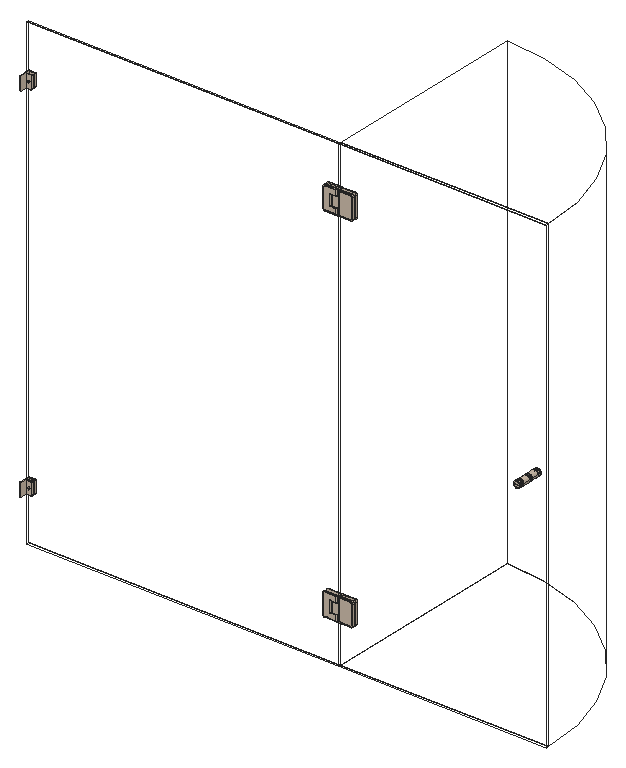
Revit family "Hardware_Glass_Nero", category Specialty Equipment, Revit 2020 (continued)
Definition of nested family "Bracket_Wall_Nero_10mmGlass_Shower_F"
  Automatic sketch dimensions
    Extrusion 1 sketch curve to plane 7 "Left" = 0 mm
    plane 4 "Back" to Extrusion 1 sketch curve = 4 mm
    plane 7 "Left" to Extrusion 1 sketch curve = 3 mm
    Extrusion 1 sketch curve to Extrusion 1 sketch curve = 11 mm
    Extrusion 1 sketch curve to Extrusion 1 sketch curve = 4 mm
    plane 7 "Left" to Extrusion 1 sketch curve = 4 mm
    plane 4 "Back" to Masking region 1 sketch curve = 0 mm
    Masking region 1 sketch curve to plane 3 "Right" = 0 mm  (x2)
    Masking region 1 sketch curve to plane 2 "Front" = 0 mm
    Masking region 1 sketch curve to plane 7 "Left" = 0 mm
    plane 4 "Back" to Masking region 1 sketch curve = 4 mm
    plane 7 "Left" to Masking region 1 sketch curve = 3 mm
    Masking region 1 sketch curve to Masking region 1 sketch curve = 11 mm
    Masking region 1 sketch curve to Masking region 1 sketch curve = 4 mm
    plane 7 "Left" to Masking region 1 sketch curve = 4 mm
    radius of Extrusion 3 sketch curve = 4.5 mm
    radius of Extrusion 4 sketch curve = 4.503 mm
Definition of nested family "TowelBar_SurfaceMount_Nero_500mm"
  Parameters (values of type "Chrome (NRSH303aCH)")
    Uniclass2015Version = "Products v1.28"
    Uniclass2015Title = "Towel rails"
    Uniclass2015Code = "Pr_40_20_76_90"
    URL = "https://nerotapware.com.au/"
    Type Comments = "Towel Bar - SurfaceMount - Gun Metal"
    ModifiedIssue = 20240430  # constant formula
    Model = ManufacturerSpecCode  # "NRSH303aCH"
    Default Elevation = 0 mm
    BodyMaterial [instance] = none
    ManufacturerURLProductSpecific = "https://nerotapware.com.au/product/towel-bar-500mm-chrome-nrsh303ach/"
    ManufacturerSpecCode = "NRSH303aCH"
    ManufacturerOverallWidth = 524 mm  # constant formula
    ManufacturerOverallHeight = 24 mm  # constant formula
    ManufacturerOverallDepth = 85 mm  # constant formula
    ManufacturerHeightFromFFL [instance] = 900 mm
    Manufacturer = "Nero"
    IfcExportType = "NOTDEFINED"
    IfcExportAs = "IfcFurniture"
    Description = "Towel Bar 500mm"
    CreatedByURL = "https://igsgroup.com.au"
    CreatedBy = "IGS BIM Solutions"  # constant formula
    Assembly Code = "C1030210"
  Types (9, lengths in mm): name | Type Comments | Model | ManufacturerURLProductSpecific | ManufacturerSpecCode
    Gun Metal (NRSH303GM) | "Towel Bar - SurfaceMount - Gun Metal" | "NRSH303GM" | "https://nerotapware.com.au/product/towel-bar-500mm-gm-nrsh303gm/" | "NRSH303GM"
    Brushed Bronze (NRSH303BZ) | "Towel Bar - SurfaceMount - Brushed Bronze" | "NRSH303BZ" | "https://nerotapware.com.au/product/towel-bar-500mm-bz-nrsh303bz/" | "NRSH303BZ"
    Brushed Gold (NRSH303BG) | "Towel Bar - SurfaceMount - Brushed Gold" | "NRSH303BG" | "https://nerotapware.com.au/product/towel-bar-500mm-bg-nrsh303bg/" | "NRSH303BG"
    Chrome (NRSH303aCH) | "Towel Bar - SurfaceMount - Gun Metal" | "NRSH303aCH" | "https://nerotapware.com.au/product/towel-bar-500mm-chrome-nrsh303ach/" | "NRSH303aCH"
    Brushed Gold (NRSH303aBG) | "Towel Bar - SurfaceMount - Gun Metal" | "NRSH303aBG" | "https://nerotapware.com.au/product/towel-bar-500mm-chrome-nrsh303ach/" | "NRSH303aBG"
    Brushed Bronze (NRSH303aBZ) | "Towel Bar - SurfaceMount - Brushed Bronze" | "NRSH303aBZ" | "https://nerotapware.com.au/product/towel-bar-500mm-chrome-nrsh303ach/" | "NRSH303aBZ"
    Gun Metal (NRSH303aGM) | "Towel Bar - SurfaceMount - Gun Metal" | "NRSH303aGM" | "https://nerotapware.com.au/product/towel-bar-500mm-gun-metal-nrsh303agm/" | "NRSH303aGM"
    Brushed Nickel (NRSH303aBN) | "Towel Bar - SurfaceMount - Brushed Nickel" | "NRSH303aBN" | "https://nerotapware.com.au/product/towel-bar-500mm-brushed-nickel-nrsh303abn/" | "NRSH303aBN"
    Matte Black (NRSH303aMB) | "Towel Bar - SurfaceMount - Matte Black" | "NRSH303aMB" | "https://nerotapware.com.au/product/towel-bar-500mm-matte-black-nrsh303amb/" | "NRSH303aMB"
  Reference planes
    plane 1 "Ref. Level": z = 0
    plane 2 "Back": y = 213.75
    plane 3 "Front": y = 128.75
    plane 4 "Top": z = 912
    plane 5 "Right": x = 82.098
    plane 6 "Left": x = -441.902
    plane 7 "Bottom": z = 888
    plane 8 "Center (Left/Right)": x = -179.902
    plane 9 "Center (Elevation)": z = 900
    plane 10 "BackOffset": y = 243.75
  Forms (mm)
    Sweep 1, solid, material <- "BodyMaterial"
      path origin (0, -1524, 900) x (0, -1, 0) y (1, 0, 0)
        loop
          line (-1737.75, 70.098) -> (-1709.75, 70.098)
          arc (-1709.75, 70.098) -> (-1677.93, 56.918) -> (-1664.75, 25.098) r 45
          line (-1664.75, 25.098) -> (-1664.75, -384.902)
          arc (-1664.75, -384.902) -> (-1677.93, -416.722) -> (-1709.75, -429.902) r 45
          line (-1709.75, -429.902) -> (-1737.75, -429.902)
      profile origin (-429.902, 199.75, 900) x (-1, 0, 0) y (0, 0, 1)
        loop
          circle (0, 0) r 12
    Revolve 2, solid, material <- "BodyMaterial"
      sketch origin (0, -1524, 900) x (0, -1, 0) y (1, 0, 0)
        loop
          line (-1737.75, -429.902) -> (-1768.75, -429.902) -> (-1768.75, -441.902) -> (-1747.75, -441.902) -> (-1747.75, -432.402) -> (-1737.75, -432.402) -> (-1737.75, -429.902)
        axis (-1737.75, -429.902) -> (-1768.75, -429.902)
      angle from 0 to 360
    Revolve 3, solid, material <- "BodyMaterial"
      sketch origin (0, -1524, 900) x (0, -1, 0) y (1, 0, 0)
        loop
          line (-1737.75, 70.098) -> (-1737.75, 72.598) -> (-1747.75, 72.598) -> (-1747.75, 82.098) -> (-1752.75, 82.098) -> (-1752.75, 70.098) -> (-1737.75, 70.098)
        axis (-1737.75, 70.098) -> (-1752.75, 70.098)
      angle from 0 to 360
  Lines and regions (mm)
    Masking region 1
      outline origin (0, 0, 912) x (0, -1, 0) y (1, 0, 0)
        loop
          line (-213.75, -441.902) -> (-185.75, -441.902)
          arc (-185.75, -441.902) -> (-145.445, -425.207) -> (-128.75, -384.902) r 57
          line (-128.75, -384.902) -> (-128.75, 25.098)
          arc (-128.75, 25.098) -> (-145.445, 65.403) -> (-185.75, 82.098) r 57
          line (-185.75, 82.098) -> (-213.75, 82.098) -> (-213.75, 72.603) -> (-223.75, 72.603) -> (-223.75, 82.098) -> (-228.75, 82.098) -> (-228.75, 58.098) -> (-223.75, 58.098) -> (-223.75, 67.564) -> (-213.75, 67.564) -> (-213.75, 58.098) -> (-185.75, 58.098)
          arc (-185.75, 58.098) -> (-162.415, 48.432) -> (-152.75, 25.098) r 33
          line (-152.75, 25.098) -> (-152.75, -384.902)
          arc (-152.75, -384.902) -> (-162.415, -408.237) -> (-185.75, -417.902) r 33
          line (-185.75, -417.902) -> (-213.75, -417.902) -> (-213.75, -427.392) -> (-223.75, -427.392) -> (-223.75, -417.902) -> (-244.75, -417.902) -> (-244.75, -441.902) -> (-223.75, -441.902) -> (-223.75, -432.413) -> (-213.75, -432.413) -> (-213.75, -441.902)
    symbolic lines
      curve 1: arc (-429.902, 128.75, 912) -> (-441.902, 128.75, 900) -> (-429.902, 128.75, 888) r 12
      curve 2: arc (70.098, 128.75, 912) -> (82.098, 128.75, 900) -> (70.098, 128.75, 888) r 12
  Text (mm)
    text "Disclaimer:\nDue to ongoing product development and manufacturing \nevolution, product details are subject to change without \nnotice. Please refer to product technical data sheets on \nthe manufacturers website for the most current product \ninformation. Please allow a +/- 5mm manufacturing \ntolerance for dimensions and set-outs shown in product \nliterature." at (311.875, 407.321, 0), in view "Ref. Level"
  Dimensions and locks
    "ManufacturerHeightFromFFL": plane 9 "Center (Elevation)" to plane 1 "Ref. Level"
    "ManufacturerOverallDepth": plane 2 "Back" to plane 3 "Front"
    "ManufacturerOverallWidth": plane 6 "Left" to plane 5 "Right"
    "ManufacturerOverallHeight": plane 4 "Top" to plane 7 "Bottom"
    equal spacing: plane 6 "Left", plane 8 "Center (Left/Right)", plane 5 "Right"
    equal spacing: plane 4 "Top", plane 9 "Center (Elevation)", plane 7 "Bottom"
    aligned and locked: level to plane 1 "Ref. Level"
  Automatic sketch dimensions
    Sweep 1 sketch curve to profile plane = 0 mm  (x2)
    plane 2 "Back" to Sweep 1 sketch curve = 0 mm  (x2)
    Sweep 1 sketch curve to plane 8 "Center (Left/Right)" = 250 mm
    plane 2 "Back" to Sweep 1 sketch curve = 28 mm  (x2)
    plane 3 "Front" to Sweep 1 sketch curve = 12 mm
    Sweep 1 sketch curve to plane 5 "Right" = 57 mm
    curve 1 to plane 4 "Top" = 0 mm
    curve 1 to plane 7 "Bottom" = 0 mm
    curve 2 to plane 4 "Top" = 0 mm
    curve 2 to plane 7 "Bottom" = 0 mm
    curve 1 to plane 6 "Left" = 12 mm
    plane 5 "Right" to curve 2 = 12 mm
    Masking region 1 sketch curve to Masking region 1 sketch curve = 0 mm  (x7)
    Masking region 1 sketch curve to plane 6 "Left" = 0 mm  (x2)
    Masking region 1 sketch curve to plane 5 "Right" = 0 mm  (x2)
    plane 2 "Back" to Masking region 1 sketch curve = 0 mm  (x4)
    Masking region 1 sketch curve to plane 3 "Front" = 0 mm
    Masking region 1 sketch curve to Masking region 1 sketch curve = 10 mm  (x3)
    Masking region 1 sketch curve to Masking region 1 sketch curve = 5 mm
    plane 10 "BackOffset" to Masking region 1 sketch curve = 1 mm
    plane 2 "Back" to Masking region 1 sketch curve = 28 mm  (x2)
    plane 3 "Front" to Masking region 1 sketch curve = 24 mm
    plane 6 "Left" to Masking region 1 sketch curve = 9.49 mm
    Masking region 1 sketch curve to Masking region 1 sketch curve = 5.021 mm
    Masking region 1 sketch curve to Masking region 1 sketch curve = 9.467 mm
    Masking region 1 sketch curve to Masking region 1 sketch curve = 5.039 mm
    Revolve 2 sketch curve to plane 6 "Left" = 0 mm
    plane 2 "Back" to Revolve 2 sketch curve = 0 mm
    Revolve 2 sketch curve to plane 2 "Back" = 10 mm
    plane 10 "BackOffset" to Revolve 2 sketch curve = 1 mm
    plane 6 "Left" to Revolve 2 sketch curve = 9.5 mm
    plane 6 "Left" to Revolve 2 sketch curve = 12 mm
    Revolve 2 sketch curve to Revolve 2 sketch curve = 0 mm  (x2)
    Revolve 2 sketch curve to Revolve 2 sketch curve = 10 mm
    Revolve 3 sketch curve to plane 5 "Right" = 0 mm
    plane 2 "Back" to Revolve 3 sketch curve = 0 mm
    Revolve 3 sketch curve to plane 2 "Back" = 10 mm
    Revolve 3 sketch curve to Revolve 3 sketch curve = 5 mm  (x2)
    Revolve 3 sketch curve to Revolve 3 sketch curve = 9.5 mm
    Revolve 3 sketch curve to Revolve 3 sketch curve = 2.5 mm
    Revolve 3 sketch curve to plane 10 "BackOffset" = 5 mm
    Revolve 3 sketch curve to Revolve 3 sketch curve = 0 mm
    radius of Sweep 1 sketch curve = 12 mm
Types in the file's own list only (18): name | URL | Type Comments | SquareShowerKnob | RoundShowerKnob | PerpendicularWallThickness | PerpendicularWallLeft | PerpendicularGlassLeft | ModifiedIssue | Model | GrabRail | GlassTopHingeF | GlassToWallHingeU | GlassToWallHingeF | GlassPanel | GapBetweenWallandGlass | BodyMaterial | ManufacturerURLProductSpecific | ManufacturerSpecCode | Description | 90DegWallToGlassHinge | 90DegWallHinge | 180DegWallToGlassHinge
  F Shaped Glass to Wall Bracket Brushed Bronze (NRSH202BZ) | "https://nerotapware.com.au/" | "Bracket - Wall - Shower - F - Brushed Bronze" | No | Yes | 115 mm | Yes | No | 20231106.00 $ | "NRSH202BZ" | No | No | No | Yes | Yes | 3 mm | Metal_Bronze_Nero_Brushed | "https://nerotapware.com.au/product-category/product-collection/others/?filter_cat_0=58" | "NRSH202BZ" | "Shower F Bracket 10mm Glass" | No | No | Yes
  Wall Glass Bracket with 180Deg Door Hinge Brushed Bronze (NRSH204BG+ NRSH102BG+ NRSH301BG) | "https://nerotapware.com.au/" | "Bracket - 90Deg Wall Glass - Round Door Knob - Shower - Brushed Gold" | Yes | No | 115 mm | Yes | No | 20231106.00 $ | "NRSH204BG+ NRSH102BG+ NRSH301BG" | No | No | No | No | Yes | 0 mm | Metal_Gold_Nero_Brushed | "https://nerotapware.com.au/product-category/product-collection/others/?filter_cat_0=58" | "NRSH204BG+ NRSH102BG+ NRSH301BG" | "90 Degree Glass to Wall Shower Bracket 10mm Glass with 180 Degree Glass to Glass Shower\r\nHinge 10mm Glass and Round Shower Knob\r\n and" | No | Yes | Yes
  90Deg Wall Glass Door Hinge with Grab Rail Brushed Gold (NRSH101BG + NRSH301BG + NRSH303BG) | "https://nerotapware.com.au/" | "Hinge - Wall - Shower - 90Deg - Round Knob - Brushed Gold" | No | No | 115 mm | Yes | No | 20231106.00 $ | "NRSH101BG+NRSH301BG" | Yes | No | No | No | No | 3 mm | Metal_Gold_Nero_Brushed | "https://nerotapware.com.au/product-category/product-collection/others/?filter_cat_0=58" | "NRSH101BG+NRSH301BG" | "90 Degree Glass to Wall Shower with Shower Hinge 10mm Glass and Knob" | Yes | No | No
  U Shaped Glass to Wall Bracket Brushed Bronze (NRSH203BZ) | "https://nerotapware.com.au/" | "Bracket - Wall - Shower - U - Brushed Bronze" | Yes | No | 115 mm | Yes | No | 20231106.00 $ | "NRSH203BZ" | No | No | Yes | No | Yes | 3 mm | Metal_Bronze_Nero_Brushed | "https://nerotapware.com.au/product-category/product-collection/others/?filter_cat_0=58" | "NRSH203BZ" | "Shower U Bracket 10mm Glass" | No | No | Yes
  F Shaped Over Panel Bracket Brushed Bronze (NRSH201BZ) | "https://nerotapware.com.au/" | "Hinge - Glass - Over Panel - Brushed Bronze" | No | Yes | 10 mm | No | Yes | 20231106.00 $ | "NRSH201BZ" | No | Yes | No | No | Yes | 3 mm | Metal_Bronze_Nero_Brushed | "https://nerotapware.com.au/product-category/product-collection/others/?filter_cat_0=58" | "NRSH201BZ" | "Over-Panel Glass to Glass Fitting 10mm Glass" | No | No | Yes
  U Shaped Glass Wall Bracket and F Shaped Over Panel Bracket Brushed Bronze (NRSH201BZ + NRSH203BZ) | "https://nerotapware.com.au/" | "Bracket - Over Panel F - Wall Glass U - Brushed Bronze" | Yes | No | 10 mm | No | Yes | 20231106.00 $ | "NRSH201BZ + NRSH203BZ" | No | Yes | Yes | No | Yes | 3 mm | Metal_Bronze_Nero_Brushed | "https://nerotapware.com.au/product-category/product-collection/others/?filter_cat_0=58" | "NRSH201BZ + NRSH203BZ" | "Over-Panel Glass to Glass Fitting 10mm Glass with Shower U Bracket 10mm Glass" | No | No | Yes
  Wall Glass Bracket with 180Deg Door Hinge Brushed Bronze (NRSH204BZ+ NRSH102BZ+ NRSH301BZ) | "https://nerotapware.com.au/" | "Bracket - 90Deg - Wall To Glass - Round Door Knob - Shower - Brushed Bronze" | Yes | No | 115 mm | Yes | No | 20231106.00 $ | "NRSH204BZ+ NRSH102BZ+ NRSH301BZ" | No | No | No | No | Yes | 0 mm | Metal_Bronze_Nero_Brushed | "https://nerotapware.com.au/product-category/product-collection/others/?filter_cat_0=58" | "NRSH204BZ+ NRSH102BZ+ NRSH301BZ" | "90 Degree Glass to Wall Shower Bracket 10mm Glass with 180 Degree Glass to Glass Shower\r\nHinge 10mm Glass and Round Shower Knob\r\n and" | No | Yes | Yes
  Wall Glass Bracket with 180Deg Door Hinge Brushed Bronze (NRSH204GM+ NRSH102GM+ NRSH301GM) | "https://nerotapware.com.au/" | "Bracket - 90Deg Wall Glass - Round Door Knob - Shower - Gun Metal" | Yes | No | 115 mm | Yes | No | 20231106.00 $ | "NRSH204GM+ NRSH102GM+ NRSH301GM" | No | No | No | No | Yes | 0 mm | Metal_GunMetal_Nero | "https://nerotapware.com.au/product-category/product-collection/others/?filter_cat_0=58" | "NRSH204GM+ NRSH102GM+ NRSH301GM" | "90 Degree Glass to Wall Shower Bracket 10mm Glass with 180 Degree Glass to Glass Shower\r\nHinge 10mm Glass and Round Shower Knob\r\n and" | No | Yes | Yes
  90Deg Wall Glass Door Hinge with Grab Rail Brushed Bronze (NRSH101BZ + NRSH301BZ + NRSH303BG) | "https://nerotapware.com.au/" | "Hinge - Wall - Shower - 90Deg - Round Knob - Brushed Bronze" | No | No | 115 mm | Yes | No | 20231106.00 $ | "NRSH101BZ+NRSH301BZ" | Yes | No | No | No | No | 3 mm | Metal_Bronze_Nero_Brushed | "https://nerotapware.com.au/product-category/product-collection/others/?filter_cat_0=58" | "NRSH101BZ+NRSH301BZ" | "90 Degree Glass to Wall Shower with Shower Hinge 10mm Glass and Knob" | Yes | No | No
  90Deg Wall Glass Door Hinge with Grab Rail Gun Metal (NRSH101GM + NRSH301GM + NRSH303GM) | "https://nerotapware.com.au/" | "Hinge - Wall - Shower - 90Deg - Round Knob - Gun Metal" | No | No | 115 mm | Yes | No | 20231106.00 $ | "NRSH101GM+NRSH301GM" | Yes | No | No | No | No | 3 mm | Metal_GunMetal_Nero | "https://nerotapware.com.au/product-category/product-collection/others/?filter_cat_0=58" | "NRSH101GM+NRSH301GM" | "90 Degree Glass to Wall Shower with Shower Hinge 10mm Glass and Knob" | Yes | No | No
  F Shaped Over Panel Bracket Brushed Gold (NRSH201BG) | "https://nerotapware.com.au/" | "Hinge - Glass - Over Panel - Brushed Gold" | No | Yes | 10 mm | No | Yes | 20231106.00 $ | "NRSH201BG" | No | Yes | No | No | Yes | 3 mm | Metal_Gold_Nero_Brushed | "https://nerotapware.com.au/product-category/product-collection/others/?filter_cat_0=58" | "NRSH201BG" | "Over-Panel Glass to Glass Fitting 10mm Glass" | No | No | Yes
  F Shaped Over Panel Bracket Gun Metal (NRSH201GM) | "https://nerotapware.com.au/" | "Hinge - Glass - Over Panel - Gun Metal" | No | Yes | 10 mm | No | Yes | 20231106.00 $ | "NRSH201GM" | No | Yes | No | No | Yes | 3 mm | Metal_GunMetal_Nero | "https://nerotapware.com.au/product-category/product-collection/others/?filter_cat_0=58" | "NRSH201GM" | "Over-Panel Glass to Glass Fitting 10mm Glass" | No | No | Yes
  F Shaped Glass to Wall Hinge Brushed Gold (NRSH202BG) | "https://nerotapware.com.au/" | "Bracket - Wall - Shower - F - Brushed Gold" | No | Yes | 115 mm | Yes | No | 20231106.00 $ | "NRSH202BG" | No | No | No | Yes | Yes | 3 mm | Metal_Gold_Nero_Brushed | "https://nerotapware.com.au/product-category/product-collection/others/?filter_cat_0=58" | "NRSH202BG" | "Shower F Bracket 10mm Glass" | No | No | Yes
  F Shaped Glass to Wall Bracket Gun Metal (NRSH202GM) | "https://nerotapware.com.au/" | "Bracket - Wall - Shower - F - Gun Metal" | No | Yes | 115 mm | Yes | No | 20231106.00 $ | "NRSH202GM" | No | No | No | Yes | Yes | 3 mm | Metal_GunMetal_Nero | "https://nerotapware.com.au/product-category/product-collection/others/?filter_cat_0=58" | "NRSH202GM" | "Shower F Bracket 10mm Glass" | No | No | Yes
  U Shaped Glass to Wall Bracket Brushed Gold (NRSH203BG) | "https://nerotapware.com.au/" | "Bracket - Wall - Shower - U - Brushed Gold" | Yes | No | 115 mm | Yes | No | 20231106.00 $ | "NRSH203BG" | No | No | Yes | No | Yes | 3 mm | Metal_Gold_Nero_Brushed | "https://nerotapware.com.au/product-category/product-collection/others/?filter_cat_0=58" | "NRSH203BG" | "Shower U Bracket 10mm Glass" | No | No | Yes
  U Shaped Glass to Wall Bracket Gun Metal (NRSH203GM) | "https://nerotapware.com.au/" | "Bracket - Wall - Shower - U - Gun Metal" | Yes | No | 115 mm | Yes | No | 20231106.00 $ | "NRSH203GM" | No | No | Yes | No | Yes | 3 mm | Metal_GunMetal_Nero | "https://nerotapware.com.au/product-category/product-collection/others/?filter_cat_0=58" | "NRSH203GM" | "Shower U Bracket 10mm Glass" | No | No | Yes
  U Shaped Glass Wall Bracket and F Shaped Over Panel Bracket Brushed Gold (NRSH201BG + NRSH203BG) | "https://nerotapware.com.au/" | "Bracket - Over Panel F - Wall Glass U - Brushed Bronze" | Yes | No | 10 mm | No | Yes | 20231106.00 $ | "NRSH201BZ + NRSH203BZ" | No | Yes | Yes | No | Yes | 3 mm | Metal_Gold_Nero_Brushed | "https://nerotapware.com.au/product-category/product-collection/others/?filter_cat_0=58" | "NRSH201BZ + NRSH203BZ" | "Over-Panel Glass to Glass Fitting 10mm Glass with Shower U Bracket 10mm Glass" | No | No | Yes
  U Shaped Glass Wall Bracket and F Shaped Over Panel Bracket Gun Metal (NRSH201GM + NRSH203GM) | "https://nerotapware.com.au/" | "Bracket - Over Panel F - Wall Glass U - Gun Metal" | Yes | No | 10 mm | No | Yes | 20231106.00 $ | "NRSH201GM + NRSH203GM" | No | Yes | Yes | No | Yes | 3 mm | Metal_GunMetal_Nero | "https://nerotapware.com.au/product-category/product-collection/others/?filter_cat_0=58" | "NRSH201GM + NRSH203GM" | "Over-Panel Glass to Glass Fitting 10mm Glass with Shower U Bracket 10mm Glass" | No | No | Yes
